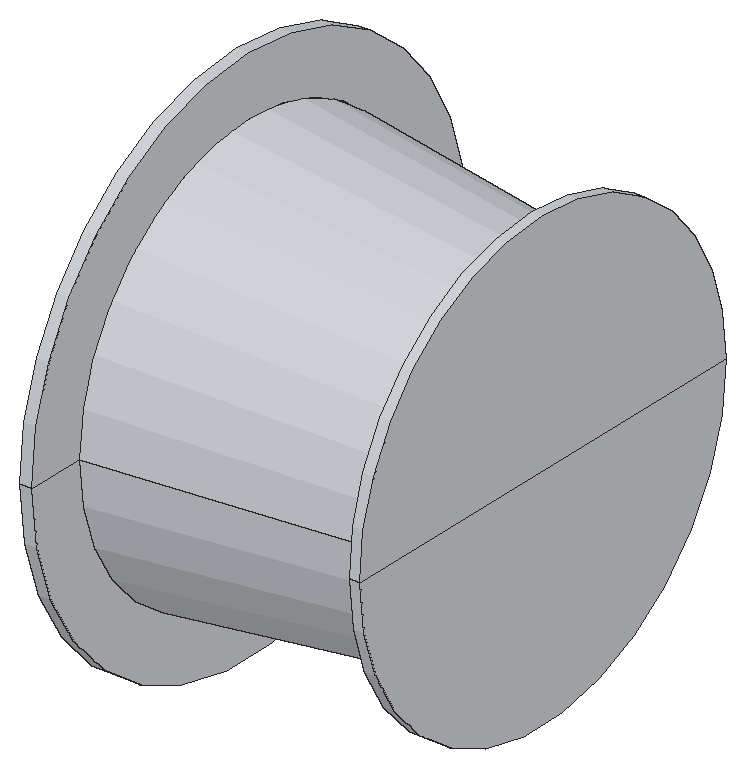
Revit family "06e17455313740439ee9b86d78adeff3", category Pipe Fittings, Revit 2021
Family settings
  Round Connector Dimension = Use Radius
  Part Type = Transition
  OmniClass Number = 23.60.30.11.14
  OmniClass Title = Pipework Fittings
  Work Plane-Based = No
  Always vertical = Yes
  Cut with Voids When Loaded = No
  Shared = No
Parameters (values of type "Standard")
  Visibility 2 [instance] = Nominal Diameter 2 > Nominal Diameter 1  # no
  Visibility 1 [instance] = Nominal Diameter 1 > Nominal Diameter 2  # yes
  URL = ""
  Type Comments = ""
  Tick Size 2 [instance] = if(Nominal Diameter 1 > Nominal Diameter 2, Min Tick Size 12, Max Tick Size 12)  # 15.5000"
  Tick Size 1 [instance] = if(Nominal Diameter 1 > Nominal Diameter 2, Max Tick Size 12, Min Tick Size 12)  # 18.4000"
  Min Tick Size 12 [instance] = Min Flange Diameter 12 * 0.4  # 15.5000"
  Min Flange Thickness 12 [instance] = size_lookup(Lookup Table Name, "FThk", 0.02 * Min Nominal Diameter 12 + 0.3900", Min Nominal Diameter 12)  # 0.8750"
  Min Flange Diameter 12 [instance] = size_lookup(Lookup Table Name, "FDia", 1.15 * Min Nominal Diameter 12 + 4.4800", Min Nominal Diameter 12)  # 38.7500"
  Max Tick Size 12 [instance] = Max Flange Diameter 12 * 0.4  # 18.4000"
  Nominal Radius 2 [instance] = 15.0000"
  Nominal Radius 1 [instance] = 18.0000"
  Nominal Diameter 2 [instance] = Nominal Radius 2 * 2  # 30.0000"
  Nominal Diameter 1 [instance] = Nominal Radius 1 * 2  # 36.0000"
  Min Nominal Diameter 12 [instance] = if(Nominal Diameter 1 > Nominal Diameter 2, Nominal Diameter 2, Nominal Diameter 1)  # 30.0000"
  Max Nominal Diameter 12 [instance] = if(Nominal Diameter 1 > Nominal Diameter 2, Nominal Diameter 1, Nominal Diameter 2)  # 36.0000"
  Max Flange Thickness 12 [instance] = size_lookup(Lookup Table Name, "FThk", 0.02 * Max Nominal Diameter 12 + 0.3900", Max Nominal Diameter 12)  # 1.0000"
  Max Flange Diameter 12 [instance] = size_lookup(Lookup Table Name, "FDia", 1.15 * Max Nominal Diameter 12 + 4.4800", Max Nominal Diameter 12)  # 46.0000"
  Manufacturer = ""
  Loss Method = K Coefficient from Table
  Lookup Table Name = "Flange - Ring - Stainless Steel - Class 50"
  Length [instance] = if(Nominal Diameter 1 = Nominal Diameter 2, Min Nominal Diameter 12 / 2, 4 * (Max Nominal Diameter 12 - Min Nominal Diameter 12))  # 24.0000"
  K Coefficient Table = "Reducer/Coupling/Union/Increaser"
  built-in parameter 1114238 [instance] = (empty or 0)
  Flange Thickness 2 [instance] = if(Nominal Diameter 1 > Nominal Diameter 2, Min Flange Thickness 12, Max Flange Thickness 12)  # 0.8750"
  Flange Thickness 1 [instance] = if(Nominal Diameter 1 > Nominal Diameter 2, Max Flange Thickness 12, Min Flange Thickness 12)  # 1.0000"
  Flange Radius 1 [instance] = Flange Diameter 1 / 2  # 23.0000"
  Flange Radius 2 [instance] = Flange Diameter 2 / 2  # 19.3750"
  Flange Diameter 2 [instance] = if(Nominal Diameter 1 > Nominal Diameter 2, Min Flange Diameter 12, Max Flange Diameter 12)  # 38.7500"
  Flange Diameter 1 [instance] = if(Nominal Diameter 1 > Nominal Diameter 2, Max Flange Diameter 12, Min Flange Diameter 12)  # 46.0000"
  Description = ""
  Default Elevation = 0.0000"
  Assembly Code = ""
Reference planes (in)
  plane 1 "Center (Front/Back)": y = 0
  plane 2: z = 0
  plane 3 "Center (Left/Right)": x = 0
  plane 4 "Right": x = 25.875
  plane 5 "TK1 Top": y = 18.4
  plane 6 "TK1 Bottom": y = -18.4
  plane 7 "TK2 Top": y = 15.5
  plane 8 "TK2 Bottom": y = -15.5
  plane 9: y = 18
  plane 10: y = 15
  plane 11: x = 1
  plane 12: y = 23
  plane 13: x = 25
  plane 14: y = 19.375
Forms (in)
  Extrusion 1, solid, not visible
    sketch origin (0, 0, 0) x (0, 1, 0) y (0, 0, 1)
      loop
        circle (0, 0) r 1
    from 0 to 25.875
  Revolve 2, solid, detail levels fine
    sketch origin (0, 0, 0) x (1, 0, 0) y (0, 1, 0)
      loop
        line (0, 0) -> (25.875, 0) -> (25.875, 19.375) -> (25, 19.375) -> (25, 15) -> (1, 18) -> (1, 23) -> (0, 23) -> (0, 0)
      axis (0, 0) -> (25.875, 0)
    angle from 0 to 360
Lines and regions (in)
  model lines, detail levels coarse+medium
    curve 1: line (0, 0, 0) -> (0, 18.4, 0)
    curve 2: line (0, -18.4, 0) -> (0, 0, 0)
    curve 3: line (25.875, 0, 0) -> (25.875, 15.5, 0)
    curve 4: line (25.875, 0, 0) -> (25.875, -15.5, 0)
  model lines, style "PipeFitting", visible <- "Visibility 1", detail levels coarse+medium
    curve 5: line (0, 18.4, 0) -> (25.875, 0, 0)
    curve 6: line (0, -18.4, 0) -> (25.875, 0, 0)
  model lines, style "PipeFitting", visible <- "Visibility 2", detail levels coarse+medium
    curve 7: line (25.875, 15.5, 0) -> (0, 0, 0)
    curve 8: line (0, 0, 0) -> (25.875, -15.5, 0)
Dimensions and locks (in)
  "Tick Size 1": plane 5 "TK1 Top" to plane 1 "Center (Front/Back)"
  "Tick Size 1": plane 6 "TK1 Bottom" to plane 1 "Center (Front/Back)"
  "Tick Size 2": plane 7 "TK2 Top" to plane 1 "Center (Front/Back)"
  "Tick Size 2": plane 8 "TK2 Bottom" to plane 1 "Center (Front/Back)"
  "Nominal Radius 1": plane 9 to plane 1 "Center (Front/Back)"
  "Nominal Radius 2": plane 10 to plane 1 "Center (Front/Back)"
  "Flange Thickness 1": plane 3 "Center (Left/Right)" to plane 11
  "Flange Thickness 2": plane 13 to plane 4 "Right"
  "Length": plane 11 to plane 13
  "Flange Radius 1": plane 12 to plane 1 "Center (Front/Back)"
  "Flange Radius 2": plane 14 to plane 1 "Center (Front/Back)"
  radius of Extrusion 1 sketch curve = 1.0000"
  aligned and locked: plane 2 to level
  aligned and locked: plane 2 to Extrusion 1 sketch curve
  aligned and locked: plane 1 "Center (Front/Back)" to Extrusion 1 sketch curve
  aligned and locked: Extrusion 1 to plane 3 "Center (Left/Right)"
  aligned and locked: plane 4 "Right" to Extrusion 1
  aligned and locked: plane 1 "Center (Front/Back)" to curve 2
  aligned and locked: plane 3 "Center (Left/Right)" to curve 1
  aligned and locked: plane 3 "Center (Left/Right)" to curve 2
  aligned and locked: plane 5 "TK1 Top" to curve 1
  aligned and locked: plane 6 "TK1 Bottom" to curve 2
  aligned and locked: curve 3 to plane 7 "TK2 Top"
  aligned and locked: curve 4 to plane 4 "Right"
  aligned and locked: plane 1 "Center (Front/Back)" to Revolve 2 sketch curve
  aligned and locked: Revolve 2 sketch curve to Revolve 2 sketch curve
  aligned and locked: Revolve 2 sketch curve to plane 3 "Center (Left/Right)"
  aligned and locked: plane 11 to Revolve 2 sketch curve
  aligned and locked: plane 12 to Revolve 2 sketch curve
  aligned and locked: plane 13 to Revolve 2 sketch curve
  aligned and locked: Revolve 2 sketch curve to plane 4 "Right"
  aligned and locked: plane 14 to Revolve 2 sketch curve
Automatic sketch dimensions
  plane 8 "TK2 Bottom" to curve 8 = 0.0000"
  plane 1 "Center (Front/Back)" to curve 4 = 0.0000"
  Revolve 2 sketch curve to plane 9 = 0.0000"
  Revolve 2 sketch curve to plane 10 = 0.0000"
  Revolve 2 sketch curve to plane 3 "Center (Left/Right)" = 9.7500"
  plane 4 "Right" to Revolve 2 sketch curve = 7.2500"
Connectors (in)
  piping at (0, 0, 0), diameter 36, driven by "Nominal Radius 1"
    settings: on Revolve 2, index 1, connector inside diameter 36.0000", connector length 0.0000", flow factor 0, pipe flow 0 GPM, pressure drop 0.00 psi, fitting loss kfactor 0, connector angle 0.00°, fixture units 0, engagement length 0.0000", angle of deflection 0.00°, flow configuration 0, flow direction 0, fitting loss method 0, system type 28, joint type 0, gender type 0, connector reference index 2, connector utility 0, adjustable connector no, is connector primary yes, connector description ""
  piping at (25.875, 0, 0), diameter 30, driven by "Nominal Radius 2"
    settings: on Revolve 2, index 2, connector inside diameter 30.0000", connector length 0.0000", flow factor 0, pipe flow 0 GPM, pressure drop 0.00 psi, fitting loss kfactor 0, connector angle 0.00°, fixture units 0, engagement length 0.0000", angle of deflection 0.00°, flow configuration 0, flow direction 0, fitting loss method 0, system type 28, joint type 0, gender type 0, connector reference index 1, connector utility 0, adjustable connector no, is connector primary no, connector description ""
